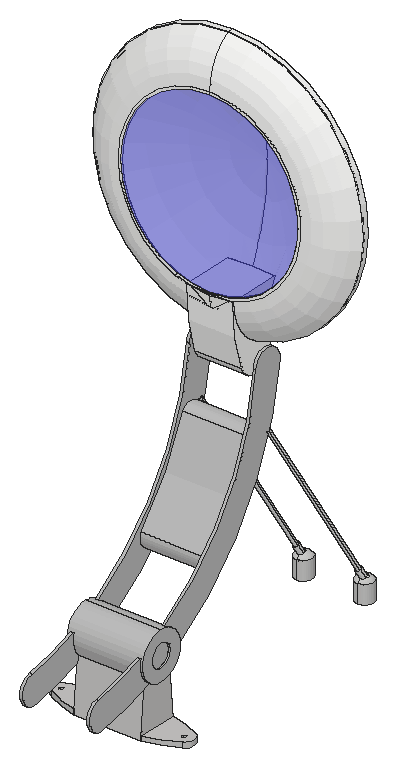
Revit family "FH-Wall", category Lighting Fixtures, host Face, Revit 2021
Family settings
  Host = Face
  Round Connector Dimension = Use Diameter
  Part Type = Normal
  OmniClass Number = 23.80.70.00
  OmniClass Title = Lighting
  Cut with Voids When Loaded = No
  Light Source = No
  Shared = No
  Room Calculation Point = No
Parameters (values of type "FH-Curved-Arm")
  Width = 8.85"
  Warranty = "5 Years Limited Warranty"
  URL = "https://www.currentlighting.com/aal"
  Type Comments = "Light Fixture"  # constant formula
  Straight Arm With Extension = no
  Product page URL = ""
  Product Documentation = ""
  Power Factor = "0.90"
  Pole Finish = Metal-Aluminum Alloy
  Model = "FH"  # constant formula
  Manufacturer = "Architectural Area Lighting"  # constant formula
  Straight Arm = no
  Lamp = "LED"
  IP Rating = "IP 66"
  Housing = Metal-Galvanized_Steel
  Glass = Paint - Matte White
  Features = "Reliable, uniform, glare free illumination\r\nTypes II, III, IV, V and custom distributions\r\n3000K, 4000K, 5000K CCT\r\n0-10V dimming ready\r\nIntegral surge suppression\r\nLifeShieldTM thermal protection\r\nDLC QPL pending\r\n14 standard powder coat finishes\r\nUpgrade Kits"  # constant formula
  Extension = yes
  Dimming Interface = "0-10V"
  Description = "Product Description Flex features AALs exclusive MicroCore technology which provides ample, smooth, even illumination of the environment. The precision aiming system of AALs MicroCore technology ensures that even when looking directly at the luminaire, only one-half of the LEDs can be viewed at any given time. Upgrade kits are available for existing HID installations. Multiple arm designs and mounting options, including single, twin, tri and quad shape, form a versatile create it yourself look."  # constant formula
  Default Elevation = 48.00"
  Curved Arm with Extension = yes
  Curved Arm = yes
  Contact us = ""
  Certifications = "UL listed"
  Assembly Code = "D5020200"
Types (3): name | Straight Arm With Extension | Straight Arm | Curved Arm with Extension | Curved Arm
  (no name) | no | no | yes | yes
  FH-Straight-Arm | yes | yes | no | no
  FH-Curved-Arm | no | no | yes | yes
Reference planes (in)
  plane 1 "Center (Front/Back)": y = 0
  plane 2: z = 0
  plane 3 "Center (Left/Right)": x = 0
  plane 4: x = -4.425
  plane 5: x = 4.425
  plane 6: z = -2.29
  plane 7: z = 2.47
  plane 8: z = 3.84
Forms (in)
  Extrusion 1, solid, material "Metal-Galvanized_Steel" <- "Housing"
    sketch origin (0.86385, -2.15777, 0) x (0, -1, 0) y (0, 0, -1)
      loop
        line (0.61755, 0) -> (-2.88245, 0) -> (-2.30399, -6.05156)
        arc (-2.30399, -6.05156) -> (-1.13245, -6.96345) -> (0.0391, -6.05156) r 1.20851
        line (0.0391, -6.05156) -> (0.61755, 0)
    from -3.61385 to 2.13615
  Extrusion 2, solid, material "Metal-Galvanized_Steel" <- "Housing"
    sketch origin (0, 0, 0) x (1, 0, 0) y (0, 1, 0)
      loop
        arc (3, -2.72666) -> (4.41339, -2.3253) -> (5.76116, -1.74025) r 11.06697
        arc (5.76116, -1.74025) -> (6.19712, -1.02433) -> (5.76116, -0.30841) r 0.80581
        arc (5.76116, -0.30841) -> (4.41339, 0.27664) -> (3, 0.678) r 11.06697
        line (3, 0.678) -> (3, -2.72666)
      loop
        circle (5.41467, -1.06446) r 0.176
      loop
        line (-2.75, -2.72666) -> (-2.75, 0.678)
        arc (-2.75, 0.678) -> (-4.16339, 0.27664) -> (-5.51116, -0.30841) r 11.06697
        arc (-5.51116, -0.30841) -> (-5.94712, -1.02433) -> (-5.51116, -1.74025) r 0.80581
        arc (-5.51116, -1.74025) -> (-4.16339, -2.3253) -> (-2.75, -2.72666) r 11.06697
      loop
        circle (-5.16467, -1.06446) r 0.176
    from 0 to 0.41604
  Revolve 3, solid, material "Metal-Aluminum Alloy" <- "Pole Finish", visible <- "Curved Arm with Extension"
    sketch origin (1.12495, 34.89896, -18.62082) x (1, 0, 0) y (0, -0.544639, 0.838671)
      loop
        line (-3.68127, 25.40448) -> (-3.68127, 44.31605) -> (-3.83258, 44.31605) -> (-3.83258, 23.83524)
        arc (-3.83258, 23.83524) -> (-3.5951, 23.93195) -> (-3.423, 24.12203) r 0.57684
        arc (-3.423, 24.12203) -> (-3.46708, 24.30979) -> (-3.58258, 24.46424) r 0.47197
        line (-3.58258, 24.46424) -> (-3.58258, 25.40448) -> (-3.68127, 25.40448)
      axis (-3.83258, 23.83524) -> (-3.83258, 44.31605)
    angle from 0 to 360
  Revolve 4, solid, material "Metal-Aluminum Alloy" <- "Pole Finish", visible <- "Curved Arm with Extension"
    sketch origin (-1.17843, 34.89896, -18.62082) x (-1, 0, 0) y (0, 0.544639, -0.838671)
      loop
        line (-3.68127, -25.40363) -> (-3.58258, -25.40363) -> (-3.58258, -24.46424)
        arc (-3.58258, -24.46424) -> (-3.46708, -24.30979) -> (-3.423, -24.12203) r 0.47197
        arc (-3.423, -24.12203) -> (-3.5951, -23.93195) -> (-3.83258, -23.83524) r 0.57684
        line (-3.83258, -23.83524) -> (-3.83258, -44.31605) -> (-3.68127, -44.31605) -> (-3.68127, -25.40363)
      axis (-3.83258, -23.83524) -> (-3.83258, -44.31605)
    angle from 0 to 360
  Revolve 5, solid, material "Metal-Aluminum Alloy" <- "Pole Finish", visible <- "Straight Arm With Extension"
    sketch origin (1.30343, 39.20668, -15.19727) x (1, 0, 0) y (0, -0.71934, 0.694658)
      loop
        line (-3.68127, 25.40448) -> (-3.68127, 54.90556) -> (-3.83258, 54.90556) -> (-3.83258, 23.83524)
        arc (-3.83258, 23.83524) -> (-3.5951, 23.93195) -> (-3.423, 24.12203) r 0.57684
        arc (-3.423, 24.12203) -> (-3.46708, 24.30979) -> (-3.58258, 24.46424) r 0.47197
        line (-3.58258, 24.46424) -> (-3.58258, 25.40448) -> (-3.68127, 25.40448)
      axis (-3.83258, 23.83524) -> (-3.83258, 54.90556)
    angle from 0 to 360
  Revolve 6, solid, material "Metal-Aluminum Alloy" <- "Pole Finish", visible <- "Straight Arm With Extension"
    sketch origin (-1.30343, 39.20668, -15.19727) x (-1, 0, 0) y (0, 0.71934, -0.694658)
      loop
        line (-3.68127, -25.40448) -> (-3.58258, -25.40448) -> (-3.58258, -24.46424)
        arc (-3.58258, -24.46424) -> (-3.46708, -24.30979) -> (-3.423, -24.12203) r 0.47197
        arc (-3.423, -24.12203) -> (-3.5951, -23.93195) -> (-3.83258, -23.83524) r 0.57684
        line (-3.83258, -23.83524) -> (-3.83258, -54.90556) -> (-3.68127, -54.90556) -> (-3.68127, -25.40448)
      axis (-3.83258, -23.83524) -> (-3.83258, -54.90556)
    angle from 0 to 360
  Revolve 7, solid, material "Metal-Galvanized_Steel" <- "Housing", visible <- "Extension"
    sketch origin (-2.62799, 0, 0) x (0, -1, 0) y (0, 0, -1)
      loop
        line (-21.78224, 0) -> (-22.53224, 0) -> (-22.53224, -1.54384)
        arc (-22.53224, -1.54384) -> (-22.21736, -1.86448) -> (-21.78224, -1.97685) r 0.83976
        line (-21.78224, -1.97685) -> (-21.78224, 0)
      axis (-21.78224, -1.97685) -> (-21.78224, 0)
    angle from 0 to 360
  Revolve 8, solid, material "Metal-Galvanized_Steel" <- "Housing", visible <- "Extension"
    sketch origin (2.62201, 0, 0) x (0, -1, 0) y (0, 0, -1)
      loop
        line (-21.78224, 0) -> (-22.53224, 0) -> (-22.53224, -1.54384)
        arc (-22.53224, -1.54384) -> (-22.21736, -1.86448) -> (-21.78224, -1.97685) r 0.83976
        line (-21.78224, -1.97685) -> (-21.78224, 0)
      axis (-21.78224, -1.97685) -> (-21.78224, 0)
    angle from 0 to 360
Dimensions and locks (in)
  equal spacing: plane 4, plane 3 "Center (Left/Right)", plane 5
  "Width": plane 4 to plane 5
  aligned and locked: plane 2 to host face
  aligned and locked: level to host face
Automatic sketch dimensions
  host sketch curve to host sketch curve = 96.00"  (x2)
  Extrusion 1 sketch curve to level = 0.00"
  Extrusion 1 sketch curve to plane 1 "Center (Front/Back)" = 0.72468"
  Extrusion 1 sketch curve to plane 1 "Center (Front/Back)" = 0.14623"
  plane 1 "Center (Front/Back)" to Extrusion 1 sketch curve = 1.02532"
  Extrusion 1 sketch curve to Extrusion 1 sketch curve = 1.17155"
  plane 1 "Center (Front/Back)" to Extrusion 1 sketch curve = 2.77532"
  Extrusion 1 sketch curve to plane 8 = 1.91493"
  Extrusion 1 sketch curve to Extrusion 1 sketch curve = 0.29663"
  plane 4 to Extrusion 2 sketch curve = 0.73967"
  Extrusion 2 sketch curve to Extrusion 2 sketch curve = 0.02336"  (x2)
  Extrusion 2 sketch curve to plane 4 = 1.675"
  plane 3 "Center (Left/Right)" to Extrusion 2 sketch curve = 0.44023"  (x2)
  Extrusion 2 sketch curve to plane 3 "Center (Left/Right)" = 0.69023"  (x2)
  plane 5 to Extrusion 2 sketch curve = 1.425"
  Extrusion 2 sketch curve to plane 5 = 0.96631"
  plane 1 "Center (Front/Back)" to Extrusion 2 sketch curve = 8.0966"
  Extrusion 2 sketch curve to Extrusion 2 sketch curve = 0.00"  (x2)
  plane 1 "Center (Front/Back)" to Extrusion 2 sketch curve = 0.678"  (x2)
  Extrusion 2 sketch curve to plane 1 "Center (Front/Back)" = 1.02433"  (x2)
  Extrusion 2 sketch curve to Extrusion 2 sketch curve = 0.04013"  (x2)
  Extrusion 2 sketch curve to plane 1 "Center (Front/Back)" = 2.72666"  (x2)
  Extrusion 2 sketch curve to Extrusion 2 sketch curve = 7.4186"
  Extrusion 2 sketch curve to plane 1 "Center (Front/Back)" = 0.30841"
  Extrusion 2 sketch curve to Extrusion 2 sketch curve = 0.3465"
  plane 4 to Revolve 3 sketch curve = 1.62398"
  Revolve 3 sketch curve to Revolve 3 sketch curve = 0.03114"
  plane 4 to Revolve 3 sketch curve = 1.71737"  (x2)
  Revolve 3 sketch curve to Revolve 3 sketch curve = 0.15131"
  Revolve 3 sketch curve to Revolve 3 sketch curve = 0.09869"
  Revolve 3 sketch curve to Revolve 3 sketch curve = 0.27509"
  Revolve 3 sketch curve to Revolve 3 sketch curve = 0.29415"
  Revolve 3 sketch curve to Revolve 3 sketch curve = 0.05977"
  Revolve 3 sketch curve to Revolve 3 sketch curve = 0.94024"
  Revolve 3 sketch curve to Revolve 3 sketch curve = 18.91157"
  Revolve 3 sketch curve to Revolve 3 sketch curve = 0.00"
  Revolve 3 sketch curve to Revolve 3 sketch curve = 3.98081"
  Revolve 4 sketch curve to plane 5 = 1.67746"
  Revolve 4 sketch curve to Revolve 4 sketch curve = 0.03114"
  Revolve 4 sketch curve to plane 5 = 1.77085"  (x2)
  Revolve 4 sketch curve to Revolve 4 sketch curve = 0.15131"
  Revolve 4 sketch curve to Revolve 4 sketch curve = 0.09869"
  Revolve 4 sketch curve to Revolve 4 sketch curve = 18.91242"
  Revolve 4 sketch curve to Revolve 4 sketch curve = 0.93938"
  Revolve 4 sketch curve to Revolve 4 sketch curve = 0.05977"
  Revolve 4 sketch curve to Revolve 4 sketch curve = 0.29415"
  Revolve 4 sketch curve to Revolve 4 sketch curve = 0.27509"
  Revolve 4 sketch curve to Revolve 4 sketch curve = 3.98081"
  Revolve 4 sketch curve to Revolve 4 sketch curve = 0.00"
  plane 4 to Revolve 5 sketch curve = 1.80246"
  Revolve 5 sketch curve to Revolve 5 sketch curve = 0.03114"
  plane 4 to Revolve 5 sketch curve = 1.89585"  (x2)
  Revolve 5 sketch curve to Revolve 5 sketch curve = 0.15131"
  Revolve 5 sketch curve to Revolve 5 sketch curve = 0.09869"
  Revolve 5 sketch curve to Revolve 5 sketch curve = 0.27509"
  Revolve 5 sketch curve to Revolve 5 sketch curve = 0.29415"
  Revolve 5 sketch curve to Revolve 5 sketch curve = 0.05977"
  Revolve 5 sketch curve to Revolve 5 sketch curve = 0.94024"
  Revolve 5 sketch curve to Revolve 5 sketch curve = 29.50108"
  Revolve 5 sketch curve to Revolve 5 sketch curve = 0.00"
  Revolve 5 sketch curve to Revolve 5 sketch curve = 14.57032"
  Revolve 6 sketch curve to plane 5 = 1.80246"
  Revolve 6 sketch curve to Revolve 6 sketch curve = 0.03114"
  Revolve 6 sketch curve to plane 5 = 1.89585"  (x2)
  Revolve 6 sketch curve to Revolve 6 sketch curve = 0.15131"
  Revolve 6 sketch curve to Revolve 6 sketch curve = 0.09869"
  Revolve 6 sketch curve to Revolve 6 sketch curve = 29.50108"
  Revolve 6 sketch curve to Revolve 6 sketch curve = 0.94024"
  Revolve 6 sketch curve to Revolve 6 sketch curve = 0.05977"
  Revolve 6 sketch curve to Revolve 6 sketch curve = 0.29415"
  Revolve 6 sketch curve to Revolve 6 sketch curve = 0.27509"
  Revolve 6 sketch curve to Revolve 6 sketch curve = 14.57032"
  Revolve 6 sketch curve to Revolve 6 sketch curve = 0.00"
  Revolve 7 sketch curve to level = 0.00"  (x2)
  plane 7 to Revolve 7 sketch curve = 0.92616"
  Revolve 7 sketch curve to plane 1 "Center (Front/Back)" = 22.53224"
  Revolve 7 sketch curve to Revolve 7 sketch curve = 0.73475"
  Revolve 7 sketch curve to Revolve 7 sketch curve = 0.75"
  plane 7 to Revolve 7 sketch curve = 0.49315"
  Revolve 7 sketch curve to Revolve 7 sketch curve = 0.00"  (x2)
  Revolve 8 sketch curve to level = 0.00"  (x2)
  plane 7 to Revolve 8 sketch curve = 0.92616"
  Revolve 8 sketch curve to plane 1 "Center (Front/Back)" = 22.53224"
  Revolve 8 sketch curve to Revolve 8 sketch curve = 0.73475"
  Revolve 8 sketch curve to Revolve 8 sketch curve = 0.75"
  plane 7 to Revolve 8 sketch curve = 0.49315"
  Revolve 8 sketch curve to Revolve 8 sketch curve = 0.00"  (x2)
  radius of Extrusion 2 sketch curve = 0.176"  (x2)
Nested families (in)
  nested 1: "FH-Straight" at (0, -23.48683, 33.26373), visible <- "Straight Arm", type "FH-Straight"
  nested 2: "FH_Curved" at (0, -9.56456, 13.5) x (-1, 0, 0) z (0, 0, 1), visible <- "Curved Arm", type "FH_Curved"
Connectors (in)
  electrical at (0.125, -1.02532, 0)
    settings: on Extrusion 1, index 2, voltage 120 V, apparent load 48 VA, apparent load phase1 0 VA, apparent load phase2 0 VA, apparent load phase3 0 VA, power factor 0.9, load classification "Other", number of poles 1, system type 30, power factor state 1, is connector primary yes, connector utility no, sub classification motor no, connector description ""
Definition of nested family "FH-Straight"
  Parameters
    Wattage = 80 W
    built-in parameter 1150110 = 1 (stored number, unit not read)
    built-in parameter 1114217 = 1 (stored number, unit not read)
    Tilt Angle = 60.00°
    built-in parameter 1150109 = 1 (stored number, unit not read)
    built-in parameter 1150134 = 3
    built-in parameter 1150113 = 1 (stored number, unit not read)
    Photometric Web File = "FH-T2-56LED-3K-450.ies"
    built-in parameter 1150105 = 649.35 (stored number, unit not read)
    Lumens = 8160 lm
    built-in parameter 1150115 = 1 (stored number, unit not read)
    built-in parameter 1150137 = (empty or 0)
    built-in parameter 1150139 = (empty or 0)
    built-in parameter 1150112 = 1 (stored number, unit not read)
    built-in parameter 1150114 = 1 (stored number, unit not read)
    built-in parameter 1150132 = (empty or 0)
    built-in parameter 1150102 = (empty or 0)
    built-in parameter 1150107 = 3200 (stored number, unit not read)
    built-in parameter 1150138 = (empty or 0)
    built-in parameter 1150106 = 6.4935 (stored number, unit not read)
    built-in parameter 1150104 = 9.4761 (stored number, unit not read)
    Dimming Lamp Color Temperature Shift = (empty or 0)
    Default elevation = 0.00"
    Height = 31.00"  # constant formula
    Length = 42.00"  # constant formula
    Wattage Comments = "MH150/U"
    Voltage = 277 V  # constant formula
    Width = 4.00"  # constant formula
    URL = "http://www.aal.net/"
    Series = "FLex"  # constant formula
    Revision Date = "02/23/2010"  # constant formula
    Framing Material = none
    Power Factor = 1  # constant formula
    OmniClass Title = "Post-Top Lighting"  # constant formula
    OmniClass Number = "23.80.70.14.11.14"  # constant formula
    Number of Poles = 1
    Note Visible = yes
    Note Text = "LF"  # constant formula
    Model = "24\" , FH2-150MH"
    MasterFormat Title = "Area Lighting"  # constant formula
    MasterFormat Number = "26.56.29"  # constant formula
    Manufacturer = "Architectural Area Lighting"  # constant formula
    Lamp = "150 WATT MEDIUM BASE ED-17 CLEAR MH LAMP"
    Housing Material = none
    Glazing Type = none
    Full Load Current = 0.73 A  # constant formula
    Frequency = 60 Hz  # constant formula
    Description = "Exterior Lighting"  # constant formula
    Default Elevation = 0.00"
    Color Filter = 16777215
    built-in parameter 1114218 = 1 (stored number, unit not read)
    built-in parameter 1150133 = 10 (stored number, unit not read)
    Assembly Code = "D5020210"
    Architectural Design Manual = "http://www.aal.net/sections/downloads/html/downloads.html"
    Apparent Load = 150 VA
    Absolute Lumens = 12500 lm
    AAL IES File = "FH2-150MH.IES"
  Reference planes (in)
    plane 1 "Light Source Axis (F/B)": y = 1.68956
    plane 2: z = 0.00059
    plane 3 "Light Source Axis (L/R)": x = 0
    plane 4 "Light Source Elevation": z = 18.00059
    plane 5 "Top": z = 31.00059
    plane 6 "Back": y = 32.06456
    plane 7 "Front": y = -9.93544
    plane 8: y = 13.31456
  Forms (in)
    Extrusion 1, solid, material <- "Framing Material"
      sketch origin (0, 14.92044, 4.64375) x (0, 0, -1) y (0, 1, 0)
        loop
          circle (32.06456, 7.72793) r 1
        loop
          circle (32.06456, 7.72793) r 2
      from -3.25 to 3.25
    Extrusion 2, solid, material <- "Framing Material"
      sketch origin (0, 14.92044, 4.64375) x (0, 0, -1) y (0, 1, 0)
        loop
          arc (16.70527, 8.84814) -> (15.65867, 7.80154) -> (16.70527, 6.75494) r 1.0466
          line (16.70527, 6.75494) -> (24.70527, 6.75494)
          arc (24.70527, 6.75494) -> (25.75187, 7.80154) -> (24.70527, 8.84814) r 1.0466
          line (24.70527, 8.84814) -> (16.70527, 8.84814)
      from -2.75 to 2.75
    Revolve 3, solid, material <- "Housing Material"
      sketch origin (0, 3.42044, 7.64375) x (0, 0, -1) y (0, 1, 0)
        loop
          arc (1.68956, 23.41936) -> (-4.44431, 22.41331) -> (-9.93544, 19.50059) r 19.20214
          line (-9.93544, 19.50059) -> (-9.93544, 19.00059) -> (-9.68544, 19.00059) -> (-9.68544, 19.37614)
          arc (-9.68544, 19.37614) -> (-4.30584, 22.19606) -> (1.68956, 23.16936) r 18.95214
          line (1.68956, 23.16936) -> (1.68956, 23.41936)
        axis (1.68956, 23.41936) -> (1.68956, 19.00059)
      angle from 0 to 360
    Revolve 4, solid, material <- "Housing Material"
      sketch origin (0, 3.42044, 7.64375) x (0, 0, -1) y (0, 1, 0)
        loop
          line (-5.93544, 17.00059) -> (-5.93544, 17.06309) -> (-6.1739, 17.06309)
          arc (-6.1739, 17.06309) -> (-8.25434, 17.57991) -> (-9.85966, 19.00059) r 4.50026
          line (-9.85966, 19.00059) -> (-9.93544, 19.00059)
          arc (-9.93544, 19.00059) -> (-8.30246, 17.53465) -> (-6.17399, 17.00059) r 4.56276
          line (-6.17399, 17.00059) -> (-5.93544, 17.00059)
        axis (1.68956, 19.00059) -> (1.68956, 17.00059)
      angle from 0 to 360
    Extrusion 5, solid, material <- "Glazing Type"
      sketch origin (0, 21.42103, 7.64375) x (1, 0, 0) y (0, 0, 1)
        loop
          circle (0, -1.68956) r 7.625
      from 0.9375 to 1
    Extrusion 6, solid, material <- "Framing Material"
      sketch origin (0, 16.42044, -7.35625) x (0, 0, -1) y (0, -1, 0)
        loop
          line (-0.15813, -7.48973) -> (19.61647, -7.48973)
          arc (19.61647, -7.48973) -> (20.98229, -6.36745) -> (19.86001, -5.00162) r 1.25
          line (19.86001, -5.00162) -> (-0.40167, -5.00162)
          arc (-0.40167, -5.00162) -> (-1.52396, -6.36745) -> (-0.15813, -7.48973) r 1.25
      from -2.75 to -3
    Extrusion 7, solid, material <- "Housing Material"
      sketch origin (0, 3.39812, 7.22862) x (0, 0, -1) y (0, 1, 0)
        loop
          line (9.25725, 21.73831) -> (9.36016, 16.99823)
          arc (9.36016, 16.99823) -> (12.16761, 17.24164) -> (14.90087, 17.92748) r 17.70208
          arc (14.90087, 17.92748) -> (15.87284, 19.34576) -> (14.90087, 20.76405) r 1.52075
          arc (14.90087, 20.76405) -> (12.114, 21.45358) -> (9.25725, 21.73831) r 20.06345
      from -2.75 to 2.75
    Extrusion 8, solid, material <- "Framing Material"
      sketch origin (0, 16.42044, -7.35625) x (0, 0, -1) y (0, 1, 0)
        loop
          arc (-0.15813, 7.48973) -> (-1.52396, 6.36745) -> (-0.40167, 5.00162) r 1.25
          line (-0.40167, 5.00162) -> (19.86001, 5.00162)
          arc (19.86001, 5.00162) -> (20.98229, 6.36745) -> (19.61647, 7.48973) r 1.25
          line (19.61647, 7.48973) -> (-0.15813, 7.48973)
      from -2.75 to -3
  Lines and regions (in)
    reference lines
      curve 1: line (0, 37.41735, 7.8317) -> (0, 7.10647, 25.3317)
  Dimensions and locks (in)
    "Height": plane 5 "Top" to plane 2
    locked: plane 5 "Top" to plane 4 "Light Source Elevation" at 13
    equal spacing: plane 8, plane 1 "Light Source Axis (F/B)", plane 7 "Front"
    plane 6 "Back" to plane 8 = 18.75"
    "Length": plane 6 "Back" to plane 7 "Front"
    locked: curve 1 to plane 4 "Light Source Elevation" at 10.16889
    locked: curve 1 to plane 6 "Back" at 5.3528
    locked: plane 8 to curve 1 at 6.20809
    locked: plane 5 "Top" to curve 1 at 5.66889
    Extrusion 1 sketch curve to Extrusion 1 sketch curve to plane 2 = 0.00" locked, 27.4214"
    "Default elevation": plane 2 to level
    Extrusion 2 to plane 3 "Light Source Axis (L/R)" to Extrusion 2 = 2.75" locked, 2.75" locked
    locked: Revolve 3 sketch curve to Revolve 3 sketch curve at 0.25
    locked: Revolve 4 sketch curve to Revolve 4 sketch curve at 0.0625  (x2)
    locked: Extrusion 6 sketch curve to Extrusion 6 sketch curve at 0.24354  (x2)
    Extrusion 6 sketch curve to Extrusion 6 sketch curve = 2.48811"
    Extrusion 7 sketch curve to Extrusion 7 sketch curve to Extrusion 7 sketch curve = 6.51268", 0.10291" locked
    Extrusion 7 sketch curve to Extrusion 7 sketch curve to Extrusion 7 sketch curve to Extrusion 7 sketch curve = 0.92925" locked, 2.83657", 0.97426" locked
    locked: Extrusion 8 sketch curve to Extrusion 8 sketch curve at 0.24354  (x2)
    Extrusion 8 sketch curve to Extrusion 8 sketch curve = 2.48811"
    aligned and locked: Revolve 3 sketch curve to Revolve 3 sketch curve
  Automatic sketch dimensions
    Extrusion 1 sketch curve to Extrusion 1 sketch curve = 0.00"
    plane 8 to Extrusion 1 sketch curve = 9.33381"
    Extrusion 2 sketch curve to level = 12.06211"
    Extrusion 2 sketch curve to Extrusion 2 sketch curve = 8.00"
    plane 8 to Extrusion 2 sketch curve = 8.36082"
    Extrusion 2 sketch curve to Extrusion 2 sketch curve = 1.0466"
    Revolve 3 sketch curve to Revolve 3 sketch curve = 0.00"  (x2)
    plane 4 "Light Source Elevation" to Revolve 3 sketch curve = 0.4214"
    Revolve 3 sketch curve to Revolve 3 sketch curve = 0.25"
    level to Revolve 3 sketch curve = 5.9536"
    Revolve 3 sketch curve to plane 8 = 5.67691"
    plane 8 to Revolve 3 sketch curve = 9.10647"
    Revolve 3 sketch curve to Revolve 3 sketch curve = 0.37555"
    plane 7 "Front" to Revolve 3 sketch curve = 23.64353"
    plane 6 "Back" to Revolve 3 sketch curve = 37.08316"
    Revolve 4 sketch curve to Revolve 4 sketch curve = 0.00"  (x2)
    plane 4 "Light Source Elevation" to Revolve 4 sketch curve = 0.4214"
    Revolve 4 sketch curve to Revolve 4 sketch curve = 0.07578"
    plane 4 "Light Source Elevation" to Revolve 4 sketch curve = 4.18285"
    Revolve 4 sketch curve to Revolve 4 sketch curve = 0.00009"
    Revolve 4 sketch curve to Revolve 4 sketch curve = 0.23855"
    plane 8 to Revolve 4 sketch curve = 7.10647"
    level to Revolve 4 sketch curve = 5.9536"
    plane 7 "Front" to Revolve 4 sketch curve = 23.64353"
    plane 6 "Back" to Revolve 4 sketch curve = 37.08316"
    Extrusion 5 sketch curve to plane 3 "Light Source Axis (L/R)" = 0.00"
    level to Extrusion 5 sketch curve = 5.9536"
    Extrusion 6 sketch curve to level = 6.95517"
    Extrusion 6 sketch curve to Extrusion 6 sketch curve = 0.12177"  (x2)
    Extrusion 6 sketch curve to plane 6 "Back" = 8.15439"
    Extrusion 6 sketch curve to Extrusion 6 sketch curve = 19.7746"
    Extrusion 6 sketch curve to Extrusion 6 sketch curve = 1.24405"
    Extrusion 7 sketch curve to level = 1.47289"
    Extrusion 7 sketch curve to level = 2.0116"
    Extrusion 7 sketch curve to level = 2.02922"
    Extrusion 7 sketch curve to Extrusion 7 sketch curve = 4.99193"
    Extrusion 7 sketch curve to plane 1 "Light Source Axis (F/B)" = 3.39114"
    plane 8 to Extrusion 7 sketch curve = 7.08179"
    Extrusion 8 sketch curve to level = 6.95517"
    Extrusion 8 sketch curve to Extrusion 8 sketch curve = 0.12177"  (x2)
    Extrusion 8 sketch curve to plane 6 "Back" = 8.15439"
    Extrusion 8 sketch curve to Extrusion 8 sketch curve = 19.7746"
    Extrusion 8 sketch curve to Extrusion 8 sketch curve = 1.24405"
    radius of Extrusion 1 sketch curve = 1.00"
    radius of Extrusion 1 sketch curve = 2.00"
    radius of Extrusion 5 sketch curve = 7.625"
Definition of nested family "FH_Curved"
  Parameters
    Default elevation = 0.00"
    Height = 31.00"  # constant formula
    Length = 42.00"  # constant formula
    Wattage Comments = "MH150/U"
    Wattage = 80 W
    built-in parameter 1150110 = 1 (stored number, unit not read)
    Voltage = 277 V  # constant formula
    Width = 4.00"  # constant formula
    URL = "http://www.aal.net/"
    built-in parameter 1114217 = 1 (stored number, unit not read)
    Tilt Angle = 90.00°
    built-in parameter 1150109 = 1 (stored number, unit not read)
    built-in parameter 1150134 = (empty or 0)
    built-in parameter 1150113 = 1 (stored number, unit not read)
    Series = "FLex"  # constant formula
    Revision Date = "02/23/2010"  # constant formula
    Framing Material = none
    Power Factor = 1  # constant formula
    Photometric Web File = "FH-T2-56LED-3K-450.ies"
    OmniClass Title = "Post-Top Lighting"  # constant formula
    OmniClass Number = "23.80.70.14.11.14"  # constant formula
    Number of Poles = 1
    Note Visible = yes
    Note Text = "LF"  # constant formula
    Model = "24\" , FH2-150MH"
    MasterFormat Title = "Area Lighting"  # constant formula
    MasterFormat Number = "26.56.29"  # constant formula
    Manufacturer = "Architectural Area Lighting"  # constant formula
    Lumens = 8160 lm
    built-in parameter 1150115 = 1 (stored number, unit not read)
    built-in parameter 1150105 = 649.16 (stored number, unit not read)
    built-in parameter 1150137 = (empty or 0)
    built-in parameter 1150139 = (empty or 0)
    built-in parameter 1150112 = 1 (stored number, unit not read)
    built-in parameter 1150114 = 1 (stored number, unit not read)
    Lamp = "150 WATT MEDIUM BASE ED-17 CLEAR MH LAMP"
    built-in parameter 1150132 = (empty or 0)
    built-in parameter 1150102 = (empty or 0)
    built-in parameter 1150138 = (empty or 0)
    built-in parameter 1150107 = 3000 (stored number, unit not read)
    built-in parameter 1150106 = 6.4916 (stored number, unit not read)
    Housing Material = none
    Glazing Type = none
    Full Load Current = 0.73 A  # constant formula
    Frequency = 60 Hz  # constant formula
    built-in parameter 1150104 = 9.4761 (stored number, unit not read)
    Dimming Lamp Color Temperature Shift = (empty or 0)
    Description = "Exterior Lighting"  # constant formula
    Default Elevation = 0.00"
    Color Filter = 16777215
    built-in parameter 1114218 = 1 (stored number, unit not read)
    built-in parameter 1150133 = 10 (stored number, unit not read)
    Assembly Code = "D5020210"
    Architectural Design Manual = "http://www.aal.net/sections/downloads/html/downloads.html"
    Apparent Load = 150 VA
    Absolute Lumens = 12500 lm
    AAL IES File = "FH2-150MH.IES"
  Reference planes (in)
    plane 1 "Light Source Axis (F/B)": y = 1.68956
    plane 2: z = 0.00059
    plane 3 "Light Source Axis (L/R)": x = 0
    plane 4 "Light Source Elevation": z = 18.00059
  Forms (in)
    Revolve 1, solid, material <- "Housing Material"
      sketch origin (0, 0.97295, 24.3929) x (0, 0, -1) y (0, 1, 0)
        loop
          arc (1.68956, 23.41936) -> (-4.44431, 22.41331) -> (-9.93544, 19.50059) r 19.20214
          line (-9.93544, 19.50059) -> (-9.93544, 19.00059) -> (-9.68544, 19.00059) -> (-9.68544, 19.37614)
          arc (-9.68544, 19.37614) -> (-4.30584, 22.19606) -> (1.68956, 23.16936) r 18.95214
          line (1.68956, 23.16936) -> (1.68956, 23.41936)
        axis (1.68956, 23.41936) -> (1.68956, 19.00059)
      angle from 0 to 360
    Revolve 2, solid, material <- "Housing Material"
      sketch origin (0, 0.97295, 24.3929) x (0, 0, -1) y (0, 1, 0)
        loop
          line (-5.93544, 17.00059) -> (-5.93544, 17.06309) -> (-6.1739, 17.06309)
          arc (-6.1739, 17.06309) -> (-8.25434, 17.57991) -> (-9.85966, 19.00059) r 4.50026
          line (-9.85966, 19.00059) -> (-9.93544, 19.00059)
          arc (-9.93544, 19.00059) -> (-8.30246, 17.53465) -> (-6.17399, 17.00059) r 4.56276
          line (-6.17399, 17.00059) -> (-5.93544, 17.00059)
        axis (1.68956, 19.00059) -> (1.68956, 17.00059)
      angle from 0 to 360
    Extrusion 3, solid, material <- "Glazing Type"
      sketch origin (0, 18.97355, 24.3929) x (1, 0, 0) y (0, 0, 1)
        loop
          circle (0, -1.68956) r 7.625
      from 0.9375 to 1
    Extrusion 4, solid, material <- "Housing Material"
      sketch origin (0, 0.97295, 24.3929) x (0, 0, -1) y (0, 1, 0)
        loop
          line (9.25725, 21.73831) -> (9.36016, 16.99823)
          arc (9.36016, 16.99823) -> (12.16761, 17.24164) -> (14.90087, 17.92748) r 17.70208
          arc (14.90087, 17.92748) -> (15.87284, 19.34576) -> (14.90087, 20.76405) r 1.52075
          arc (14.90087, 20.76405) -> (12.114, 21.45358) -> (9.25725, 21.73831) r 20.06345
      from -2 to 2
    Extrusion 5, solid, material <- "Framing Material"
      sketch origin (0, 0.97295, 24.3929) x (0, 0, -1) y (0, 1, 0)
        loop
          arc (32.82433, 1.37216) -> (34.26512, 0.34789) -> (35.28939, 1.78867) r 1.25
          arc (35.28939, 1.78867) -> (28.33631, 14.70455) -> (14.96687, 20.73973) r 22.87006
          arc (14.96687, 20.73973) -> (13.60104, 19.61745) -> (14.72333, 18.25162) r 1.25
          arc (14.72333, 18.25162) -> (26.63131, 12.87617) -> (32.82433, 1.37216) r 20.37006
      from 2.75 to 3
    Extrusion 6, solid, material <- "Framing Material"
      sketch origin (0, 0.97295, 12.3929) x (0, 0, -1) y (0, 1, 0)
        loop
          arc (20.82433, 1.37216) -> (22.26512, 0.34789) -> (23.28939, 1.78867) r 1.25
          arc (23.28939, 1.78867) -> (16.33631, 14.70455) -> (2.96687, 20.73973) r 22.87006
          arc (2.96687, 20.73973) -> (1.60104, 19.61745) -> (2.72333, 18.25162) r 1.25
          arc (2.72333, 18.25162) -> (14.63131, 12.87617) -> (20.82433, 1.37216) r 20.37006
      from -2.75 to -3
    Extrusion 7, solid, material <- "Framing Material"
      sketch origin (0, 0.97295, 24.3929) x (0, 0, -1) y (0, 1, 0)
        loop
          circle (32.06456, 7.72793) r 1
        loop
          circle (32.06456, 7.72793) r 2
      from -3.25 to 3.25
    Extrusion 8, solid, material <- "Framing Material"
      sketch origin (0, 0.97295, 24.3929) x (0, 0, -1) y (0, 1, 0)
        loop
          arc (19.59353, 17.42586) -> (23.47802, 15.58128) -> (26.89545, 12.97114) r 20.62006
          arc (26.89545, 12.97114) -> (28.1205, 13.18976) -> (28.26853, 14.42532) r 1.04542
          arc (28.26853, 14.42532) -> (24.51963, 17.28863) -> (20.25838, 19.31212) r 22.62006
          arc (20.25838, 19.31212) -> (19.17669, 18.63308) -> (19.59353, 17.42586) r 1.02659
      from -2.75 to 2.75
  Cuts and joins
    joined: Extrusion 5, Extrusion 6, Extrusion 7
    joined: Revolve 1, Extrusion 4
  Lines and regions (in)
    Masking region 1, detail levels coarse
      outline origin (0, -9.93544, 0) x (-1, 0, 0) y (0, 0, 1)
        loop
          line (2.5, 0.00059) -> (2.5, 17.00059) -> (-2.5, 17.00059) -> (-2.5, 0.00059) -> (2.5, 0.00059)
    Masking region 2
      outline origin (0, 1.68956, 0) x (1, 0, 0) y (0, 0, 1)
        loop
          line (-11.625, 19.50059) -> (-11.625, 19.00059)
          arc (-11.625, 19.00059) -> (-9.99791, 17.53179) -> (-7.87127, 17.00059) r 4.52263
          line (-7.87127, 17.00059) -> (7.87127, 17.00059)
          arc (7.87127, 17.00059) -> (9.99791, 17.53179) -> (11.625, 19.00059) r 4.52263
          line (11.625, 19.00059) -> (11.625, 19.50059)
          arc (11.625, 19.50059) -> (0, 23.46779) -> (-11.625, 19.50059) r 19.01584
    Masking region 3, detail levels medium+fine
      outline origin (0, -9.93544, 0) x (-1, 0, 0) y (0, 0, 1)
        loop
          line (-2, 0.00059) -> (2, 0.00059) -> (2.61862, 2.68011) -> (2.61862, 5.72793) -> (2.75, 5.72793) -> (2.75, 0.33042) -> (3, 0.33042) -> (3, 5.72793) -> (3.25, 5.72793) -> (3.25, 9.72793) -> (3, 9.72793) -> (3, 13.42268) -> (3, 17.00059) -> (-3, 17.00059) -> (-3, 13.42268) -> (-3, 9.72793) -> (-3.25, 9.72793) -> (-3.25, 5.72793) -> (-3, 5.72793) -> (-3, 0.33042) -> (-2.75, 0.33042) -> (-2.75, 5.72793) -> (-2.61862, 5.72793) -> (-2.61862, 2.68011) -> (-2, 0.00059)
        loop
          line (2.75, 16.75059) -> (2.61862, 16.75059) -> (2.61862, 9.72793) -> (2.75, 9.72793) -> (2.75, 16.75059)
        loop
          line (-2.75, 16.75059) -> (-2.75, 9.72793) -> (-2.61862, 9.72793) -> (-2.61862, 16.75059) -> (-2.75, 16.75059)
    reference lines
      curve 1: line (0, 37.41735, 7.8317) -> (0, 7.10647, 25.3317)
  Dimensions and locks (in)
    plane 4 "Light Source Elevation" to Revolve 1 sketch curve to Revolve 1 sketch curve = 23.6549", 0.25" locked
    locked: Revolve 2 sketch curve to Revolve 2 sketch curve at 0.0625
    Revolve 2 sketch curve to Revolve 2 sketch curve to plane 4 "Light Source Elevation" = 0.0625" locked, 17.05294"
    locked: plane 3 "Light Source Axis (L/R)" to Extrusion 3 sketch curve at 7.625
    Extrusion 4 sketch curve to Extrusion 4 sketch curve to Extrusion 4 sketch curve = 6.51268", 0.10291" locked
    Extrusion 4 sketch curve to Extrusion 4 sketch curve to Extrusion 4 sketch curve to Extrusion 4 sketch curve to plane 4 "Light Source Elevation" = 0.00", 5.54071", 0.10291", 2.86494"
    Extrusion 5 sketch curve to Extrusion 5 sketch curve = 0.24354"
    locked: Extrusion 5 sketch curve to Extrusion 5 sketch curve at 2.48811
    Extrusion 5 sketch curve to Extrusion 5 sketch curve to plane 2 = 2.46506", 8.43202"
    locked: Extrusion 5 sketch curve to Extrusion 5 sketch curve at 2.46506
    plane 2 to Extrusion 5 sketch curve to Extrusion 5 sketch curve = 11.65335", 0.00" locked
    locked: Extrusion 6 sketch curve to Extrusion 6 sketch curve
    locked: Extrusion 6 sketch curve to Extrusion 6 sketch curve at 0.24354
    equal spacing: plane 4 "Light Source Elevation", Extrusion 6 sketch curve, Extrusion 6 sketch curve
    locked: Extrusion 6 sketch curve to Extrusion 6 sketch curve at 2.46506
    equal spacing: Extrusion 6 sketch curve, Extrusion 6 sketch curve, plane 2
    plane 2 to Extrusion 6 sketch curve = 11.65335"  (x2)
    locked: Extrusion 6 sketch curve to Extrusion 6 sketch curve at 0
    Extrusion 7 sketch curve to Extrusion 7 sketch curve to plane 2 = 0.00" locked, 7.67225"
    Masking region 2 sketch curve to plane 3 "Light Source Axis (L/R)" to Masking region 2 sketch curve = 11.625" locked, 11.625" locked
    Masking region 2 sketch curve to Masking region 2 sketch curve to Masking region 2 sketch curve to Masking region 2 sketch curve to Masking region 2 sketch curve to plane 4 "Light Source Elevation" to Masking region 2 sketch curve to Masking region 2 sketch curve = 3.9672" locked, 0.00" locked, 0.50" locked, 0.00" locked, 1.00" locked, 1.00" locked, 0.00" locked
    Masking region 2 sketch curve to plane 3 "Light Source Axis (L/R)" to Masking region 2 sketch curve = 7.87127" locked, 7.87127" locked
    Masking region 3 sketch curve to Masking region 3 sketch curve to Masking region 3 sketch curve to Masking region 3 sketch curve to plane 2 = 4.00" locked, 3.04782" locked, 2.34969" locked, 0.32983" locked  (x2)
    locked: plane 4 "Light Source Elevation" to Masking region 3 sketch curve at 1
    locked: plane 4 "Light Source Elevation" to Masking region 3 sketch curve at 1.25
    Masking region 3 sketch curve to plane 3 "Light Source Axis (L/R)" to Masking region 3 sketch curve = 2.61862" locked, 2.61862" locked
    aligned and locked: plane 3 "Light Source Axis (L/R)" to imposter light
